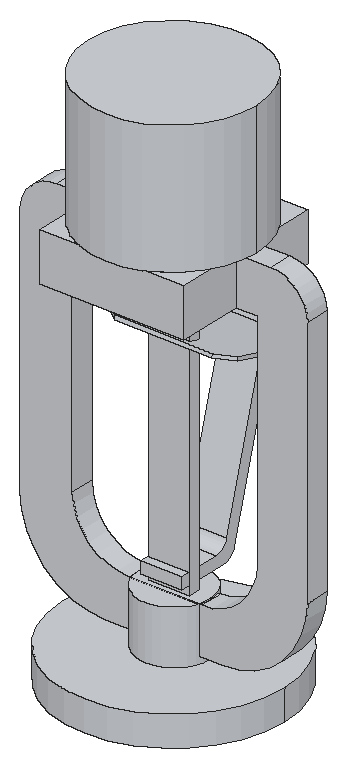
Revit family
Parameters (values of type "RASCO GFR PENDENT")
  Temperature Rating = 212 °F
  Response = 1
  RASCO SIN # = "R3115"
  RASCO Part # = "GFRP2B"
  Pressure Rating = "175 PSI"
  Pressure Class = (empty or 0)
  Orifice Size = 1/2"
  Orifice = (empty or 0)
  Model = "GFR"
  Manufacturer = "RASCO"
  K-Factor = 8
  Description = "Bronze Finish"
  Coverage = (empty or 0)
Reference planes (in)
  plane 1 "Center (Front/Back)": y = 0
  plane 2: z = 0
  plane 3 "Center (Left/Right)": x = 0
Dimensions and locks (in)
  aligned and locked: plane 2 to level
Nested families (in)
  nested 1: "GFRP2B" at (-0.0055, 0, 2.875) x (-1, 0, 0) z (0, 0, -1), type "RASCO GFR PENDENT"
Connectors (in)
  piping at (-0.0055, 0, 2.875)
    settings: on nested 1, index 1, connector radius 0.45", flow factor 0, pipe flow 0 GPM, pressure drop 0.00 psi, fitting loss kfactor 0, connector angle 0.00°, fixture units 0, flow configuration 0, flow direction 0, fitting loss method 0, system type 7, connector reference index -1, connector utility 0, adjustable connector no, is connector primary yes, fitting loss table "", connector description ""
Definition of nested family "GFRP2B"
  Parameters (values of type "RASCO GFR PENDENT")
    Type Comments = ""
    Temperature Rating = 0 °F
    Response = (empty or 0)
    Pressure Rating = "0"
    Pressure Class = (empty or 0)
    Orifice Size = 0"
    Orifice = (empty or 0)
    Model = ""
    Manufacturer = ""
    K-Factor = 0
    Description = ""
    Coverage = (empty or 0)
    Assembly Code = ""
  Reference planes (in)
    plane 1 "Center (Front/Back)": y = 0
    plane 2: z = 0
    plane 3 "ref.2": z = 0.6875
    plane 4 "ref.3": z = 0.9375
    plane 5: x = -0.38065
    plane 6: x = 0.36935
    plane 7 "ref. side 1": y = 0.06402
    plane 8 "ref. side 2": y = -0.06098
    plane 9 "ref.4": z = 1.875
    plane 10 "ref.5": z = 2.875
    plane 11 "center": x = -0.00574
    plane 12 "clip": through (0, 0.52703, 1.36085) normal (0, 0.2756, -0.9613)
    plane 13 "head": z = 2.83335
  Forms (in)
    Extrusion 1, solid
      sketch origin (0, 0, 0) x (1, 0, 0) y (0, 1, 0)
        loop
          circle (0, 0) r 0.438
      from 0 to 0.6875
    Extrusion 2, solid
      sketch origin (-0.12185, 0.05177, 0.6875) x (1, 0, 0) y (0, 1, 0)
        loop
          line (-0.2588, 0.356) -> (-0.2588, -0.4565) -> (0.4912, -0.4565) -> (0.4912, 0.356) -> (-0.2588, 0.356)
      from 0 to 0.25
    Extrusion 3, solid
      sketch origin (0, 0, 0) x (1, 0, 0) y (0, 0, 1)
        loop
          line (-0.49248, 0.9375) -> (-0.49248, 2.10276)
          arc (-0.49248, 2.10276) -> (-0.40724, 2.30855) -> (-0.20145, 2.39379) r 0.29103
          line (-0.20145, 2.39379) -> (0.18108, 2.39379)
          arc (0.18108, 2.39379) -> (0.38905, 2.30765) -> (0.47519, 2.09969) r 0.29411
          line (0.47519, 2.09969) -> (0.47519, 0.9375) -> (0.36935, 0.9375) -> (0.36935, 0.6875) -> (0.55741, 0.6875)
          arc (0.55741, 0.6875) -> (0.69165, 0.7431) -> (0.74725, 0.87734) r 0.18984
          line (0.74725, 0.87734) -> (0.74725, 2.19113)
          arc (0.74725, 2.19113) -> (0.61669, 2.50631) -> (0.3015, 2.63687) r 0.44574
          line (0.3015, 2.63687) -> (-0.30719, 2.63687)
          arc (-0.30719, 2.63687) -> (-0.62225, 2.50637) -> (-0.75275, 2.19131) r 0.44556
          line (-0.75275, 2.19131) -> (-0.75275, 0.87876)
          arc (-0.75275, 0.87876) -> (-0.69673, 0.74352) -> (-0.56149, 0.6875) r 0.19126
          line (-0.56149, 0.6875) -> (-0.38065, 0.6875) -> (-0.38065, 0.9375) -> (-0.49248, 0.9375)
      from -0.06402 to 0.06098
    Extrusion 4, solid
      sketch origin (-0.00199, 0, 2.4375) x (-1, 0, 0) y (0, -1, 0)
        loop
          circle (0.00574, -0.00152) r 0.1875
      from -0.04371 to 0.4375
    Extrusion 5, solid
      sketch origin (0, 0, 0.9375) x (-1, 0, 0) y (0, -1, 0)
        loop
          line (-0.10175, -0.02852) -> (0.11324, -0.02852) -> (0.11324, 0.03101) -> (-0.10175, 0.03101) -> (-0.10175, -0.02852)
      from 0 to 1.45629
    Extrusion 6, solid
      sketch origin (-0.00574, 0, 0) x (0, 0, -1) y (0, -1, 0)
        loop
          line (-2.34418, 0.08154) -> (-2.34418, -0.18975)
          arc (-2.34418, -0.18975) -> (-2.3294, -0.23392) -> (-2.29102, -0.2603) r 0.07339
          line (-2.29102, -0.2603) -> (-1.29471, -0.54599) -> (-1.27823, -0.48852) -> (-2.23088, -0.21535)
          arc (-2.23088, -0.21535) -> (-2.26901, -0.18915) -> (-2.28369, -0.14527) r 0.07291
          line (-2.28369, -0.14527) -> (-2.28369, 0.08154) -> (-2.34418, 0.08154)
      from -0.1075 to 0.1075
    Extrusion 7, solid
      sketch origin (0, -0.32053, 1.11781) x (0, 0.961262, 0.275637) y (1, 0, 0)
        loop
          line (0.84059, -0.34079) -> (0.916, -0.26539) -> (0.916, 0.24563) -> (0.84145, 0.32018) -> (0.33718, 0.32018) -> (0.26218, 0.24518) -> (0.26218, -0.26617) -> (0.3368, -0.34079) -> (0.84059, -0.34079)
      from -0.01906 to 0
    Extrusion 8, solid
      sketch origin (0, 0, 2.83335) x (-1, 0, 0) y (0, -1, 0)
        loop
          circle (0.00574, 0) r 0.57975
      from 0 to -0.159
  Cuts and joins
    joined: Extrusion 1, Extrusion 2
